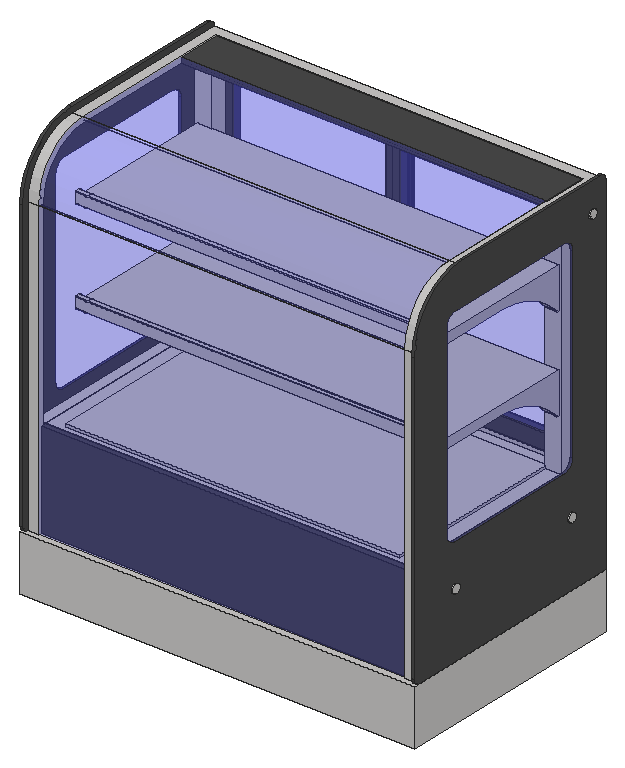
Revit family "Qf_Vollrath_HDC9336_Heated_Display_Case_Cubed_Countertop-36 inches_cat", category Specialty Equipment, Revit 2019
Family settings
  Round Connector Dimension = Use Diameter
  Part Type = Normal
  Work Plane-Based = No
  Always vertical = Yes
  Cut with Voids When Loaded = No
  Shared = No
  Room Calculation Point = No
Parameters
  Weight in Pounds = 347
  Watts = Volts * FL Amps  # 696 W
  Volts = 120 V
  URL Cutsheet = ""
  Specification by User = ""
  Specification by Manufacturer = ""
  Serial Number = ""
  Seismic Rating = ""
  SMACNA No = ""
  Revision Code = ""
  Phase = 0
  Number of Poles = 1
  NAFEM Spec ID Number = ""
  Model = "HDC9336"
  Min Ckt Ampacity = 0 A
  Max Overcurrent Protection = 0 A
  Masterspec = ""
  Manufacturer = "Vollrath"
  Length = 35.9"
  Item Number = ""
  Installed By = ""
  Identify Quantity as Lot = yes
  Height = 37.0"
  HP = ""
  Furnished By = ""
  Foodservice Equipment Identifier = yes
  FL Amps = 5.8 A
  Electrical Remarks = ""
  Electric Connection Type = ""
  Elec Conn RI Height = 0.0"
  Elec Conn Connection Height = 0.0"
  Description = "Heated Display Case Cubed Countertop-36\""
  Depth = 21.5"
  Cycle = 50 Hz
  Conn Plug = "NEMA 5-15P"
  Conn Conduit = yes
  CSI MasterFormat = ""
  Apparent Power = 0 VA
Reference planes (in)
  plane 1 "BACK": y = 0
  plane 2: z = 0
  plane 3 "LEFT": x = 0
  plane 4 "RIGHT": x = 35.9
  plane 5 "FRONT": y = -21.5
  plane 6 "TOP": z = 37
  plane 7 "Center Y": x = 17.95
  plane 8 "Center X": y = -10.75
  plane 9: x = 0.2
  plane 10: x = 0.45
  plane 11: x = 1.45
  plane 12: x = 35.7
  plane 13: x = 35.45
  plane 14: x = 34.45
  plane 15: z = 5
  plane 16: z = 22.08957
  plane 17: z = 30.55413
  plane 18: z = 13.66535
  plane 19: z = 15.3376
  plane 20: z = 33.6565
  plane 21: z = 34.82972
  plane 22: x = 2.2
  plane 23: y = -5
Forms (in)
  Extrusion 1, solid, material "QF_Plastic_Black_Smooth"
    sketch origin (0.2, -21.42126, 48) x (0, -1, 0) y (0, 0, 1)
      loop
        line (-21.42126, -43) -> (-0.42126, -43)
        arc (-0.42126, -43) -> (-0.06771, -42.85355) -> (0.07874, -42.5) r 0.5
        line (0.07874, -42.5) -> (0.07874, -16.5)
        arc (0.07874, -16.5) -> (-1.53217, -12.61091) -> (-5.42126, -11) r 5.5
        line (-5.42126, -11) -> (-20.92126, -11)
        arc (-20.92126, -11) -> (-21.27481, -11.14645) -> (-21.42126, -11.5) r 0.5
        line (-21.42126, -11.5) -> (-21.42126, -43)
      loop
        arc (-17.79626, -32.38281) -> (-17.50337, -33.08992) -> (-16.79626, -33.38281) r 1
        line (-16.79626, -33.38281) -> (-4.54626, -33.38281)
        arc (-4.54626, -33.38281) -> (-3.83915, -33.08992) -> (-3.54626, -32.38281) r 1
        line (-3.54626, -32.38281) -> (-3.54626, -15.7)
        arc (-3.54626, -15.7) -> (-3.83915, -14.99289) -> (-4.54626, -14.7) r 1
        line (-4.54626, -14.7) -> (-16.79626, -14.7)
        arc (-16.79626, -14.7) -> (-17.50337, -14.99289) -> (-17.79626, -15.7) r 1
        line (-17.79626, -15.7) -> (-17.79626, -32.38281)
    from 0 to -0.25
  Extrusion 2, solid, material "QF_Metal_Stainless_Polished"
    sketch origin (0.2, -21.42126, 48) x (0, -1, 0) y (0, 0, 1)
      loop
        circle (-19.84515, -13.58886) r 0.375
      loop
        circle (-17.4766, -37.03027) r 0.375
      loop
        circle (-4.38554, -37.03027) r 0.375
    from 0 to 0.2
  Extrusion 3, solid, material "QF_Plastic_Black_Smooth"
    sketch origin (35.7, -21.42126, 48) x (0, -1, 0) y (0, 0, -1)
      loop
        line (-21.42126, 43) -> (-21.42126, 11.5)
        arc (-21.42126, 11.5) -> (-21.27481, 11.14645) -> (-20.92126, 11) r 0.5
        line (-20.92126, 11) -> (-5.42126, 11)
        arc (-5.42126, 11) -> (-1.53217, 12.61091) -> (0.07874, 16.5) r 5.5
        line (0.07874, 16.5) -> (0.07874, 42.5)
        arc (0.07874, 42.5) -> (-0.06771, 42.85355) -> (-0.42126, 43) r 0.5
        line (-0.42126, 43) -> (-21.42126, 43)
      loop
        line (-17.79626, 32.38281) -> (-17.79626, 15.7)
        arc (-17.79626, 15.7) -> (-17.50337, 14.99289) -> (-16.79626, 14.7) r 1
        line (-16.79626, 14.7) -> (-4.54626, 14.7)
        arc (-4.54626, 14.7) -> (-3.83915, 14.99289) -> (-3.54626, 15.7) r 1
        line (-3.54626, 15.7) -> (-3.54626, 32.38281)
        arc (-3.54626, 32.38281) -> (-3.83915, 33.08992) -> (-4.54626, 33.38281) r 1
        line (-4.54626, 33.38281) -> (-16.79626, 33.38281)
        arc (-16.79626, 33.38281) -> (-17.50337, 33.08992) -> (-17.79626, 32.38281) r 1
    from 0 to -0.25
  Extrusion 4, solid, material "QF_Metal_Stainless_Polished"
    sketch origin (35.7, -21.42126, 48) x (0, -1, 0) y (0, 0, -1)
      loop
        circle (-19.84515, 13.58886) r 0.375
      loop
        circle (-17.4766, 37.03027) r 0.375
      loop
        circle (-4.38554, 37.03027) r 0.375
    from 0 to 0.2
  Extrusion 5, solid, material "QF_Metal_Stainless_Polished"
    sketch origin (0.45, -21.42126, 48.39448) x (0, -1, 0) y (0, 0, 1)
      loop
        line (-21.42126, -39.76948) -> (-20.42126, -39.76948) -> (-20.42126, -43.39448) -> (-0.42126, -43.39448) -> (-0.42126, -16.89448)
        arc (-0.42126, -16.89448) -> (-1.88573, -13.35895) -> (-5.42126, -11.89448) r 5
        line (-5.42126, -11.89448) -> (-21.42126, -11.89448) -> (-21.42126, -39.76948)
      loop
        line (-20.92126, -34.72913) -> (-0.92126, -34.72913) -> (-0.92126, -16.89448)
        arc (-0.92126, -16.89448) -> (-2.23928, -13.7125) -> (-5.42126, -12.39448) r 4.5
        line (-5.42126, -12.39448) -> (-20.92126, -12.39448) -> (-20.92126, -34.72913)
    from 0 to -1
  Extrusion 6, solid, material "QF_Metal_Stainless_Polished"
    sketch origin (1.45, -21.42126, 48.39448) x (0, -1, 0) y (0, 0, 1)
      loop
        line (-20.01969, -34.46605) -> (-19.99213, -34.50992) -> (-19.99213, -34.6435) -> (-20.83465, -34.6435) -> (-20.83465, -34.50992) -> (-20.80709, -34.46605) -> (-20.80709, -34.35609)
        arc (-20.80709, -34.35609) -> (-20.81285, -34.34217) -> (-20.82677, -34.33641) r 0.01969
        line (-20.82677, -34.33641) -> (-20.90551, -34.33641)
        arc (-20.90551, -34.33641) -> (-20.91943, -34.34217) -> (-20.9252, -34.35609) r 0.01969
        line (-20.9252, -34.35609) -> (-20.9252, -34.46605) -> (-20.89764, -34.50992) -> (-20.89764, -34.6435) -> (-21.31102, -34.6435) -> (-21.31102, -34.36003) -> (-21.35827, -34.36003) -> (-21.35827, -34.72913) -> (-19.4685, -34.72913) -> (-19.4685, -34.36003) -> (-19.51575, -34.36003) -> (-19.51575, -34.6435) -> (-19.92913, -34.6435) -> (-19.92913, -34.50992) -> (-19.90157, -34.46605) -> (-19.90157, -34.35609)
        arc (-19.90157, -34.35609) -> (-19.90734, -34.34217) -> (-19.92126, -34.33641) r 0.01969
        line (-19.92126, -34.33641) -> (-20, -34.33641)
        arc (-20, -34.33641) -> (-20.01392, -34.34217) -> (-20.01969, -34.35609) r 0.01969
        line (-20.01969, -34.35609) -> (-20.01969, -34.46605)
    from 0 to -33
  Extrusion 7, solid, material "QF_Metal_Stainless_Polished"
    sketch origin (2.2, -3.37008, 48) x (0, -1, 0) y (0, 0, 1)
      loop
        arc (12.99213, -26.77657) -> (13.09402, -26.76316) -> (13.18898, -26.72383) r 0.3937
        line (13.18898, -26.72383) -> (13.75197, -26.39879)
        arc (13.75197, -26.39879) -> (13.77214, -26.37861) -> (13.77953, -26.35105) r 0.05512
        line (13.77953, -26.35105) -> (13.77953, -25.45374)
        arc (13.77953, -25.45374) -> (13.76338, -25.41477) -> (13.72441, -25.39862) r 0.05512
        line (13.72441, -25.39862) -> (13.3622, -25.39862)
        arc (13.3622, -25.39862) -> (13.32323, -25.41477) -> (13.30709, -25.45374) r 0.05512
        line (13.30709, -25.45374) -> (13.30709, -25.91043)
        arc (13.30709, -25.91043) -> (13.29331, -25.92421) -> (13.27953, -25.91043) r 0.01378
        line (13.27953, -25.91043) -> (0, -25.91043) -> (0, -29.52049)
        arc (0, -29.52049) -> (0.07688, -29.63117) -> (0.20744, -29.59776) r 0.11811
        arc (0.20744, -29.59776) -> (2.98552, -27.51532) -> (6.37795, -26.77657) r 8.15869
        line (6.37795, -26.77657) -> (12.99213, -26.77657)
    from -0.5 to 0.5
  Extrusion 8, solid, material "QF_Plastic_Black_Smooth"
    sketch origin (34.07697, 0, 15.3376) x (0, 1, 0) y (1, 0, 0)
      loop
        line (-0.38189, -15.47047) -> (-0.38189, -15.3878)
        arc (-0.38189, -15.3878) -> (-0.40296, -15.36682) -> (-0.42944, -15.38034) r 0.02532
        arc (-0.42944, -15.38034) -> (-0.55527, -15.45742) -> (-0.6811, -15.38034) r 0.14124
        arc (-0.6811, -15.38034) -> (-0.70758, -15.36682) -> (-0.72866, -15.3878) r 0.02532
        line (-0.72866, -15.3878) -> (-0.72866, -15.47441) -> (-0.79917, -15.47441) -> (-0.82677, -15.55025) -> (-0.82677, -16.24213) -> (-0.96063, -16.19341) -> (-0.96063, -16.84843) -> (-0.14961, -16.84843) -> (-0.14961, -16.24213) -> (-0.34646, -16.24213) -> (-0.34646, -15.65945) -> (-0.16929, -15.65945)
        arc (-0.16929, -15.65945) -> (-0.15537, -15.65368) -> (-0.14961, -15.63976) r 0.01969
        line (-0.14961, -15.63976) -> (-0.14961, -15.49016)
        arc (-0.14961, -15.49016) -> (-0.15537, -15.47624) -> (-0.16929, -15.47047) r 0.01969
        line (-0.16929, -15.47047) -> (-0.38189, -15.47047)
    from 1.58661 to -19.49213
  Extrusion 9, solid, material "QF_Plastic_Black_Smooth"
    sketch origin (34.15041, 0, 15.3376) x (0, 1, 0) y (1, 0, 0)
      loop
        line (-0.38189, -32.59646) -> (-0.16929, -32.59646)
        arc (-0.16929, -32.59646) -> (-0.15537, -32.59069) -> (-0.14961, -32.57677) r 0.01969
        line (-0.14961, -32.57677) -> (-0.14961, -32.42717)
        arc (-0.14961, -32.42717) -> (-0.15537, -32.41325) -> (-0.16929, -32.40748) r 0.01969
        line (-0.16929, -32.40748) -> (-0.34646, -32.40748) -> (-0.34646, -31.8248) -> (-0.14961, -31.8248) -> (-0.14961, -31.2185) -> (-0.96063, -31.2185) -> (-0.96063, -31.87352) -> (-0.82677, -31.8248) -> (-0.82677, -32.51668) -> (-0.79917, -32.59252) -> (-0.72866, -32.59252) -> (-0.72866, -32.67913)
        arc (-0.72866, -32.67913) -> (-0.70758, -32.70011) -> (-0.6811, -32.68659) r 0.02532
        arc (-0.6811, -32.68659) -> (-0.55527, -32.60951) -> (-0.42944, -32.68659) r 0.14124
        arc (-0.42944, -32.68659) -> (-0.40296, -32.70011) -> (-0.38189, -32.67913) r 0.02532
        line (-0.38189, -32.67913) -> (-0.38189, -32.59646)
    from 1.58661 to -19.49213
  Extrusion 10, solid, material "QF_Plastic_Black_Smooth"
    sketch origin (49.81652, -0.90551, 15.3376) x (0, 1, 0) y (1, 0, 0)
      loop
        line (-0.38189, -15.47047) -> (-0.38189, -15.3878)
        arc (-0.38189, -15.3878) -> (-0.40296, -15.36682) -> (-0.42944, -15.38034) r 0.02532
        arc (-0.42944, -15.38034) -> (-0.55527, -15.45742) -> (-0.6811, -15.38034) r 0.14124
        arc (-0.6811, -15.38034) -> (-0.70758, -15.36682) -> (-0.72866, -15.3878) r 0.02532
        line (-0.72866, -15.3878) -> (-0.72866, -15.47441) -> (-0.79917, -15.47441) -> (-0.82677, -15.55025) -> (-0.82677, -16.24213) -> (-0.96063, -16.19341) -> (-0.96063, -16.84843) -> (-0.14961, -16.84843) -> (-0.14961, -16.24213) -> (-0.34646, -16.24213) -> (-0.34646, -15.65945) -> (-0.16929, -15.65945)
        arc (-0.16929, -15.65945) -> (-0.15537, -15.65368) -> (-0.14961, -15.63976) r 0.01969
        line (-0.14961, -15.63976) -> (-0.14961, -15.49016)
        arc (-0.14961, -15.49016) -> (-0.15537, -15.47624) -> (-0.16929, -15.47047) r 0.01969
        line (-0.16929, -15.47047) -> (-0.38189, -15.47047)
    from 1.58661 to -19.49213
  Extrusion 11, solid, material "QF_Plastic_Black_Smooth"
    sketch origin (49.88996, -0.90551, 15.3376) x (0, 1, 0) y (1, 0, 0)
      loop
        line (-0.38189, -32.59646) -> (-0.16929, -32.59646)
        arc (-0.16929, -32.59646) -> (-0.15537, -32.59069) -> (-0.14961, -32.57677) r 0.01969
        line (-0.14961, -32.57677) -> (-0.14961, -32.42717)
        arc (-0.14961, -32.42717) -> (-0.15537, -32.41325) -> (-0.16929, -32.40748) r 0.01969
        line (-0.16929, -32.40748) -> (-0.34646, -32.40748) -> (-0.34646, -31.8248) -> (-0.14961, -31.8248) -> (-0.14961, -31.2185) -> (-0.96063, -31.2185) -> (-0.96063, -31.87352) -> (-0.82677, -31.8248) -> (-0.82677, -32.51668) -> (-0.79917, -32.59252) -> (-0.72866, -32.59252) -> (-0.72866, -32.67913)
        arc (-0.72866, -32.67913) -> (-0.70758, -32.70011) -> (-0.6811, -32.68659) r 0.02532
        arc (-0.6811, -32.68659) -> (-0.55527, -32.60951) -> (-0.42944, -32.68659) r 0.14124
        arc (-0.42944, -32.68659) -> (-0.40296, -32.70011) -> (-0.38189, -32.67913) r 0.02532
        line (-0.38189, -32.67913) -> (-0.38189, -32.59646)
    from 1.58661 to -19.49213
  Extrusion 12, solid, material "QF_Plastic_Black_Smooth"
    sketch origin (32.9799, -1.05512, 15.3376) x (1, 0, 0) y (0, 0, -1)
      loop
        line (-0.01181, -0.08661) -> (-0.01181, 1.58661) -> (-14.30845, 1.58661) -> (-14.30845, -0.08661) -> (-0.01181, -0.08661)
      loop
        line (-0.01181, -18.3189) -> (-14.30845, -18.3189) -> (-14.30845, -19.49213) -> (-0.01181, -19.49213) -> (-0.01181, -18.3189)
    from 0 to -0.81102
  Extrusion 13, solid, material "QF_Plastic_Black_Smooth"
    sketch origin (17.24035, -0.14961, 15.3376) x (1, 0, 0) y (0, 0, -1)
      loop
        line (-0.01181, -0.08661) -> (-0.01181, 1.58661) -> (-14.30845, 1.58661) -> (-14.30845, -0.08661) -> (-0.01181, -0.08661)
      loop
        line (-0.01181, -18.3189) -> (-14.30845, -18.3189) -> (-14.30845, -19.49213) -> (-0.01181, -19.49213) -> (-0.01181, -18.3189)
    from 0 to -0.81102
  Extrusion 14, solid, material "Glass"
    sketch origin (32.96809, -1.05512, 15.42421) x (-1, 0, 0) y (0, -1, 0)
      loop
        line (0, 0.13) -> (14.29664, 0.13) -> (14.29664, 0.69102) -> (0, 0.69102) -> (0, 0.13)
      loop
        line (15.73955, -0.77551) -> (30.03618, -0.77551) -> (30.03618, -0.22449) -> (15.73955, -0.22449) -> (15.73955, -0.77551)
    from 0 to 18.23228
  Extrusion 15, solid, material "QF_Metal_Stainless_Polished"
    sketch origin (0, 0, 0) x (1, 0, 0) y (0, 0, 1)
      loop
        line (34.45, 36.5) -> (1.45, 36.5) -> (1.45, 35.35728) -> (34.45, 35.35728) -> (34.45, 36.5)
    from 0 to 1
  Extrusion 16, solid, material "QF_Metal_Stainless_Polished"
    sketch origin (-51.07972, -0.125, 0) x (1, 0, 0) y (0, 0, 1)
      loop
        line (85.00216, 13.66535) -> (85.52972, 13.66535) -> (85.52972, 35.35728) -> (52.52972, 35.35728) -> (52.52972, 13.66535) -> (53.05728, 13.66535) -> (53.05728, 34.82972) -> (85.00216, 34.82972) -> (85.00216, 13.66535)
    from 0 to 0.125
  Extrusion 17, solid, material "QF_Metal_Stainless_Polished"
    sketch origin (33.31121, 0, 13.66535) x (0, 1, 0) y (1, 0, 0)
      loop
        line (-1.95276, -31.86121) -> (-1.95276, -30.36121) -> (-3.37008, -30.36121) -> (-3.37008, -31.86121) -> (-1.95276, -31.86121)
      loop
        line (-1.95276, 1.13879) -> (-3.37008, 1.13879) -> (-3.37008, -0.36121) -> (-1.95276, -0.36121) -> (-1.95276, 1.13879)
    from 0 to -22.33465
  Extrusion 18, solid, material "QF_Metal_Stainless_Polished"
    sketch origin (33.7, -3.37008, 48) x (0, -1, 0) y (0, 0, -1)
      loop
        line (12.99213, 26.77657) -> (6.37795, 26.77657)
        arc (6.37795, 26.77657) -> (2.98552, 27.51532) -> (0.20744, 29.59776) r 8.15869
        arc (0.20744, 29.59776) -> (0.07688, 29.63117) -> (0, 29.52049) r 0.11811
        line (0, 29.52049) -> (0, 25.91043) -> (13.27953, 25.91043)
        arc (13.27953, 25.91043) -> (13.29331, 25.92421) -> (13.30709, 25.91043) r 0.01378
        line (13.30709, 25.91043) -> (13.30709, 25.45374)
        arc (13.30709, 25.45374) -> (13.32323, 25.41477) -> (13.3622, 25.39862) r 0.05512
        line (13.3622, 25.39862) -> (13.72441, 25.39862)
        arc (13.72441, 25.39862) -> (13.76338, 25.41477) -> (13.77953, 25.45374) r 0.05512
        line (13.77953, 25.45374) -> (13.77953, 26.35105)
        arc (13.77953, 26.35105) -> (13.77214, 26.37861) -> (13.75197, 26.39879) r 0.05512
        line (13.75197, 26.39879) -> (13.18898, 26.72383)
        arc (13.18898, 26.72383) -> (13.09402, 26.76316) -> (12.99213, 26.77657) r 0.3937
    from -0.5 to 0.5
  Extrusion 19, solid, material "QF_Metal_Stainless_Polished"
    sketch origin (2.7, -3.37008, 48) x (0, 1, 0) y (0, 0, 1)
      loop
        line (0, -25.91043) -> (-13.27953, -25.91043)
        arc (-13.27953, -25.91043) -> (-13.29331, -25.92421) -> (-13.30709, -25.91043) r 0.01378
        line (-13.30709, -25.91043) -> (-13.30709, -25.45374)
        arc (-13.30709, -25.45374) -> (-13.32323, -25.41477) -> (-13.3622, -25.39862) r 0.05512
        line (-13.3622, -25.39862) -> (-13.72441, -25.39862)
        arc (-13.72441, -25.39862) -> (-13.76338, -25.41477) -> (-13.77953, -25.45374) r 0.05512
        line (-13.77953, -25.45374) -> (-13.77953, -26.35105) -> (0, -26.35105) -> (0, -25.91043)
    from 0 to 30.5
  Extrusion 20, solid, material "QF_Metal_Stainless_Polished"
    sketch origin (-79.5026, 0, 0) x (1, 0, 0) y (0, 0, 1)
      loop
        line (80.9526, 13.66437) -> (80.9526, 8.625) -> (113.9526, 8.625) -> (113.9526, 13.66437) -> (80.9526, 13.66437)
    from 0 to 20.25
  Extrusion 21, solid, material "QF_Metal_Stainless_Polished"
    sketch origin (-79.5026, 0, 0) x (1, 0, 0) y (0, 0, 1)
      loop
        line (114.35516, 0) -> (114.35516, 0.70374) -> (80.55004, 0.70374) -> (80.55004, 0) -> (114.35516, 0)
    from 3 to 0.5
  Extrusion 22, solid, material "QF_Metal_Stainless_Polished"
    sketch origin (-79.5026, 0, 0) x (1, 0, 0) y (0, 0, 1)
      loop
        line (114.35516, 0.70374) -> (114.35516, 8.625) -> (113.13862, 8.625) -> (113.13862, 0.70374) -> (114.35516, 0.70374)
    from 3 to 0.5
  Extrusion 23, solid, material "QF_Metal_Stainless_Polished"
    sketch origin (-80.67976, 0, 0) x (1, 0, 0) y (0, 0, 1)
      loop
        line (114.31579, 0.70374) -> (114.31579, 8.625) -> (89.52248, 8.625) -> (89.52248, 0.70374) -> (114.31579, 0.70374)
    from 3 to 0.5
  Extrusion 24, solid, material "QF_Metal_Stainless_Polished"
    sketch origin (-105.47307, 0, 0) x (1, 0, 0) y (0, 0, 1)
      loop
        line (114.31579, 0.70374) -> (114.31579, 8.625) -> (113.41027, 8.625) -> (113.41027, 0.70374) -> (114.31579, 0.70374)
    from 3 to 0.5
  Extrusion 25, solid, material "QF_Metal_Stainless_Polished"
    sketch origin (-106.37858, 0, 0) x (1, 0, 0) y (0, 0, 1)
      loop
        line (114.31579, 0.70374) -> (114.31579, 8.625) -> (108.60712, 8.625) -> (108.60712, 0.70374) -> (114.31579, 0.70374)
    from 3 to 0.5
  Extrusion 26, solid, material "QF_Metal_Stainless_Polished"
    sketch origin (-112.08724, 0, 0) x (1, 0, 0) y (0, 0, 1)
      loop
        line (114.31579, 0.70374) -> (114.31579, 8.625) -> (113.13468, 8.625) -> (113.13468, 0.70374) -> (114.31579, 0.70374)
    from 3 to 0.5
  Extrusion 27, solid, material "QF_Metal_Stainless_Polished"
    sketch origin (-79.5026, 0, 0) x (-1, 0, 0) y (0, 0, 1)
      loop
        line (-81.14413, 11.28248) -> (-84.95201, 11.28248)
        arc (-84.95201, 11.28248) -> (-85.01854, 11.25492) -> (-85.0461, 11.18839) r 0.09409
        line (-85.0461, 11.18839) -> (-85.0461, 8.87657)
        arc (-85.0461, 8.87657) -> (-85.01854, 8.81004) -> (-84.95201, 8.78248) r 0.09409
        line (-84.95201, 8.78248) -> (-81.14413, 8.78248)
        arc (-81.14413, 8.78248) -> (-81.0776, 8.81004) -> (-81.05004, 8.87657) r 0.09409
        line (-81.05004, 8.87657) -> (-81.05004, 11.18839)
        arc (-81.05004, 11.18839) -> (-81.0776, 11.25492) -> (-81.14413, 11.28248) r 0.09409
    from 0 to 0.06
  Extrusion 28, solid, material "QF_Metal_Stainless_Polished"
    sketch origin (2.2, -3.37008, 56.46457) x (0, -1, 0) y (0, 0, 1)
      loop
        arc (12.99213, -26.77657) -> (13.09402, -26.76316) -> (13.18898, -26.72383) r 0.3937
        line (13.18898, -26.72383) -> (13.75197, -26.39879)
        arc (13.75197, -26.39879) -> (13.77214, -26.37861) -> (13.77953, -26.35105) r 0.05512
        line (13.77953, -26.35105) -> (13.77953, -25.45374)
        arc (13.77953, -25.45374) -> (13.76338, -25.41477) -> (13.72441, -25.39862) r 0.05512
        line (13.72441, -25.39862) -> (13.3622, -25.39862)
        arc (13.3622, -25.39862) -> (13.32323, -25.41477) -> (13.30709, -25.45374) r 0.05512
        line (13.30709, -25.45374) -> (13.30709, -25.91043)
        arc (13.30709, -25.91043) -> (13.29331, -25.92421) -> (13.27953, -25.91043) r 0.01378
        line (13.27953, -25.91043) -> (0, -25.91043) -> (0, -29.52049)
        arc (0, -29.52049) -> (0.07688, -29.63117) -> (0.20744, -29.59776) r 0.11811
        arc (0.20744, -29.59776) -> (2.98552, -27.51532) -> (6.37795, -26.77657) r 8.15869
        line (6.37795, -26.77657) -> (12.99213, -26.77657)
    from -0.5 to 0.5
  Extrusion 29, solid, material "QF_Metal_Stainless_Polished"
    sketch origin (33.7, -3.37008, 56.46457) x (0, -1, 0) y (0, 0, -1)
      loop
        line (12.99213, 26.77657) -> (6.37795, 26.77657)
        arc (6.37795, 26.77657) -> (2.98552, 27.51532) -> (0.20744, 29.59776) r 8.15869
        arc (0.20744, 29.59776) -> (0.07688, 29.63117) -> (0, 29.52049) r 0.11811
        line (0, 29.52049) -> (0, 25.91043) -> (13.27953, 25.91043)
        arc (13.27953, 25.91043) -> (13.29331, 25.92421) -> (13.30709, 25.91043) r 0.01378
        line (13.30709, 25.91043) -> (13.30709, 25.45374)
        arc (13.30709, 25.45374) -> (13.32323, 25.41477) -> (13.3622, 25.39862) r 0.05512
        line (13.3622, 25.39862) -> (13.72441, 25.39862)
        arc (13.72441, 25.39862) -> (13.76338, 25.41477) -> (13.77953, 25.45374) r 0.05512
        line (13.77953, 25.45374) -> (13.77953, 26.35105)
        arc (13.77953, 26.35105) -> (13.77214, 26.37861) -> (13.75197, 26.39879) r 0.05512
        line (13.75197, 26.39879) -> (13.18898, 26.72383)
        arc (13.18898, 26.72383) -> (13.09402, 26.76316) -> (12.99213, 26.77657) r 0.3937
    from -0.5 to 0.5
  Extrusion 30, solid, material "QF_Metal_Stainless_Polished"
    sketch origin (2.7, -3.37008, 56.46457) x (0, 1, 0) y (0, 0, 1)
      loop
        line (0, -25.91043) -> (-13.27953, -25.91043)
        arc (-13.27953, -25.91043) -> (-13.29331, -25.92421) -> (-13.30709, -25.91043) r 0.01378
        line (-13.30709, -25.91043) -> (-13.30709, -25.45374)
        arc (-13.30709, -25.45374) -> (-13.32323, -25.41477) -> (-13.3622, -25.39862) r 0.05512
        line (-13.3622, -25.39862) -> (-13.72441, -25.39862)
        arc (-13.72441, -25.39862) -> (-13.76338, -25.41477) -> (-13.77953, -25.45374) r 0.05512
        line (-13.77953, -25.45374) -> (-13.77953, -26.35105) -> (0, -26.35105) -> (0, -25.91043)
    from 0 to 30.5
  Extrusion 31, solid, material "QF_Metal_Stainless_Polished"
    sketch origin (0, 0, 0) x (1, 0, 0) y (0, 1, 0)
      loop
        line (35.7, 0) -> (34.85256, 0) -> (34.85256, -3) -> (1.04744, -3) -> (1.04744, 0) -> (0.2, 0) -> (0.2, -21.5) -> (35.7, -21.5) -> (35.7, 0)
    from 0 to 5
  Extrusion 32, solid, material "QF_Metal_Stainless_Polished"
    sketch origin (35.45, -21.42126, 48.39448) x (0, -1, 0) y (0, 0, -1)
      loop
        line (-21.42126, 39.76948) -> (-21.42126, 11.89448) -> (-5.42126, 11.89448)
        arc (-5.42126, 11.89448) -> (-1.88573, 13.35895) -> (-0.42126, 16.89448) r 5
        line (-0.42126, 16.89448) -> (-0.42126, 43.39448) -> (-20.42126, 43.39448) -> (-20.42126, 39.76948) -> (-21.42126, 39.76948)
      loop
        line (-20.92126, 34.72913) -> (-20.92126, 12.39448) -> (-5.42126, 12.39448)
        arc (-5.42126, 12.39448) -> (-2.23928, 13.7125) -> (-0.92126, 16.89448) r 4.5
        line (-0.92126, 16.89448) -> (-0.92126, 34.72913) -> (-20.92126, 34.72913)
    from 0 to -1
  Extrusion 33, void
    sketch origin (7.23536, 0, 2.05972) x (0, 0, 1) y (0, -1, 0)
      loop
        line (-0.69333, 0.5) -> (-0.69333, -1.5) -> (5.95167, -1.5) -> (5.95167, 0.5) -> (4.1839, 2.26777) -> (-0.69333, 0.5)
    from 0 to -4.30346
  Extrusion 34, solid, material "QF_Metal_Stainless_Polished"
    sketch origin (0, 0, 0) x (1, 0, 0) y (0, 0, 1)
      loop
        line (0.45, 8.625) -> (0.45, 5) -> (1.04744, 5) -> (1.04744, 8.625) -> (0.45, 8.625)
      loop
        line (35.45, 8.625) -> (34.85256, 8.625) -> (34.85256, 5) -> (35.45, 5) -> (35.45, 8.625)
    from 0 to 1
  Extrusion 35, solid, material "QF_Plastic_Black_Smooth"
    sketch origin (7.23536, -0.5, 1.36639) x (0, -0.34076, 0.94015) y (1, 0, 0)
      loop
        line (4.80772, -0.13) -> (0.38, -0.13)
        arc (0.38, -0.13) -> (0.20322, -0.20322) -> (0.13, -0.38) r 0.25
        line (0.13, -0.38) -> (0.13, -3.92346)
        arc (0.13, -3.92346) -> (0.20322, -4.10023) -> (0.38, -4.17346) r 0.25
        line (0.38, -4.17346) -> (4.80772, -4.17346)
        arc (4.80772, -4.17346) -> (4.98449, -4.10023) -> (5.05772, -3.92346) r 0.25
        line (5.05772, -3.92346) -> (5.05772, -0.38)
        arc (5.05772, -0.38) -> (4.98449, -0.20322) -> (4.80772, -0.13) r 0.25
    from 0 to 0.06
  Extrusion 36, solid, material "QF_Plastic_White_Smooth"
    sketch origin (7.23536, -0.44359, 1.38683) x (0, -0.34076, 0.94015) y (1, 0, 0)
      loop
        circle (0.93442, -3.29352) r 0.5
    from 0 to 0.25
  Extrusion 37, solid, material "QF_Plastic_Black_Smooth"
    sketch origin (7.23536, -0.44359, 1.38683) x (0, -0.34076, 0.94015) y (1, 0, 0)
      loop
        arc (4.45141, -0.68195) -> (3.82641, -0.37591) -> (3.20141, -0.68195) r 0.79121
        line (3.20141, -0.68195) -> (3.20141, -3.6215)
        arc (3.20141, -3.6215) -> (3.82641, -3.92755) -> (4.45141, -3.6215) r 0.79121
        line (4.45141, -3.6215) -> (4.45141, -0.68195)
    from 0 to 0.06
  Extrusion 38, solid, material "QF_Plastic_Black_Smooth"
    sketch origin (-75.7526, 0, 0) x (-1, 0, 0) y (0, 0, 1)
      loop
        line (-77.49689, 13.52657) -> (-81.11894, 13.52657)
        arc (-81.11894, 13.52657) -> (-81.25813, 13.46892) -> (-81.31579, 13.32972) r 0.19685
        line (-81.31579, 13.32972) -> (-81.31579, 11.59744)
        arc (-81.31579, 11.59744) -> (-81.25813, 11.45825) -> (-81.11894, 11.40059) r 0.19685
        line (-81.11894, 11.40059) -> (-77.49689, 11.40059)
        arc (-77.49689, 11.40059) -> (-77.35769, 11.45825) -> (-77.30004, 11.59744) r 0.19685
        line (-77.30004, 11.59744) -> (-77.30004, 13.32972)
        arc (-77.30004, 13.32972) -> (-77.35769, 13.46892) -> (-77.49689, 13.52657) r 0.19685
      loop
        line (-81.41421, 8.97933) -> (-81.41421, 11.2628)
        arc (-81.41421, 11.2628) -> (-81.47187, 11.40199) -> (-81.61106, 11.45965) r 0.19685
        line (-81.61106, 11.45965) -> (-84.17012, 11.45965)
        arc (-84.17012, 11.45965) -> (-84.30931, 11.40199) -> (-84.36697, 11.2628) r 0.19685
        line (-84.36697, 11.2628) -> (-84.36697, 8.97933)
        arc (-84.36697, 8.97933) -> (-84.30931, 8.84014) -> (-84.17012, 8.78248) r 0.19685
        line (-84.17012, 8.78248) -> (-81.61106, 8.78248)
        arc (-81.61106, 8.78248) -> (-81.47187, 8.84014) -> (-81.41421, 8.97933) r 0.19685
    from 0 to 0.06
  Extrusion 39, solid, material "QF_Plastic_Black_Smooth"
    sketch origin (0.45, -0.5, 36.5) x (0, -1, 0) y (1, 0, 0)
      loop
        line (4.5, 1) -> (4.5, 34) -> (0.5, 34) -> (0.5, 1) -> (4.5, 1)
    from 0 to -0.5
  Extrusion 40, solid, material "QF_Metal_Stainless_Polished"
    sketch origin (1.38012, 0, 13.66437) x (1, 0, 0) y (0, 1, 0)
      loop
        line (1.56988, -3.20977) -> (1.56988, -19.75) -> (31.56988, -19.75) -> (31.56988, -3.20977) -> (1.56988, -3.20977)
    from 0 to 0.25
  Extrusion 41, solid, material "QF_Plastic_Black_Smooth"
    sketch origin (-79.5026, -20.25, 0) x (1, 0, 0) y (0, 0, 1)
      loop
        line (113.9526, 13.66437) -> (80.9526, 13.66437) -> (80.9526, 5) -> (113.9526, 5) -> (113.9526, 13.66437)
    from 0 to 0.5
  Extrusion 42, solid, material "Glass"
    sketch origin (1.45, -21.42126, 48.39448) x (0, 1, 0) y (0, 0, 1)
      loop
        line (0.42126, -16.89448) -> (0.42126, -43.39448) -> (0.67126, -43.39448) -> (0.67126, -16.89448)
        arc (0.67126, -16.89448) -> (2.0625, -13.53572) -> (5.42126, -12.14448) r 4.75
        line (5.42126, -12.14448) -> (16.42126, -12.14448) -> (16.42126, -11.89448) -> (5.42126, -11.89448)
        arc (5.42126, -11.89448) -> (1.88573, -13.35895) -> (0.42126, -16.89448) r 5
    from 0 to 33
  Extrusion 43, solid, material "Glass"
    sketch origin (0.2, -21.42126, 48) x (0, -1, 0) y (0, 0, 1)
      loop
        line (-16.79626, -33.38281) -> (-4.54626, -33.38281)
        arc (-4.54626, -33.38281) -> (-3.83915, -33.08992) -> (-3.54626, -32.38281) r 1
        line (-3.54626, -32.38281) -> (-3.54626, -15.7)
        arc (-3.54626, -15.7) -> (-3.83915, -14.99289) -> (-4.54626, -14.7) r 1
        line (-4.54626, -14.7) -> (-16.79626, -14.7)
        arc (-16.79626, -14.7) -> (-17.50337, -14.99289) -> (-17.79626, -15.7) r 1
        line (-17.79626, -15.7) -> (-17.79626, -32.38281)
        arc (-17.79626, -32.38281) -> (-17.50337, -33.08992) -> (-16.79626, -33.38281) r 1
    from 0 to -0.25
  Extrusion 44, solid, material "Glass"
    sketch origin (35.7, -21.42126, 48) x (0, -1, 0) y (0, 0, -1)
      loop
        arc (-16.79626, 33.38281) -> (-17.50337, 33.08992) -> (-17.79626, 32.38281) r 1
        line (-17.79626, 32.38281) -> (-17.79626, 15.7)
        arc (-17.79626, 15.7) -> (-17.50337, 14.99289) -> (-16.79626, 14.7) r 1
        line (-16.79626, 14.7) -> (-4.54626, 14.7)
        arc (-4.54626, 14.7) -> (-3.83915, 14.99289) -> (-3.54626, 15.7) r 1
        line (-3.54626, 15.7) -> (-3.54626, 32.38281)
        arc (-3.54626, 32.38281) -> (-3.83915, 33.08992) -> (-4.54626, 33.38281) r 1
        line (-4.54626, 33.38281) -> (-16.79626, 33.38281)
    from 0 to -0.25
Cuts and joins
  joined: Extrusion 7, Extrusion 18, Extrusion 19
  joined: Extrusion 28, Extrusion 29, Extrusion 30
  Extrusion 33 cuts Extrusion 25
  joined: Extrusion 5, Extrusion 15, Extrusion 32
Lines and regions (in)
  symbolic lines
    curve 1: line (0.2, -21.5, 0) -> (35.7, -21.5, 0)
    curve 2: line (0.45, -21, 0) -> (35.45, -21, 0)
    curve 3: line (34.45, -21, 0) -> (34.45, -5, 0)
    curve 4: line (1.45, -5, 0) -> (1.45, -21, 0)
    curve 5: line (34.45, -5, 0) -> (1.45, -5, 0)
    curve 6: line (1.45, -1, 0) -> (1.45, -5, 0)
    curve 7: line (34.45, -1, 0) -> (1.45, -1, 0)
    curve 8: line (34.45, -5, 0) -> (34.45, -1, 0)
    curve 9: line (0.2, 0, 0) -> (0.2, -21.5, 0)
    curve 10: line (0.45, -21.5, 0) -> (0.45, 0, 0)
    curve 11: line (35.45, 0, 0) -> (35.45, -21.5, 0)
    curve 12: line (35.7, -21.5, 0) -> (35.7, 0, 0)
    curve 13: line (0.2, 0, 0) -> (35.7, 0, 0)
    curve 14: line (35.9, -1.20111, 0) -> (35.7, -1.20111, 0)
    curve 15: line (35.9, -1.20111, 0) -> (35.9, -1.95111, 0)
    curve 16: line (35.9, -1.95111, 0) -> (35.7, -1.95111, 0)
    curve 17: line (35.9, -3.56966, 0) -> (35.7, -3.56966, 0)
    curve 18: line (35.9, -3.56966, 0) -> (35.9, -4.31966, 0)
    curve 19: line (35.9, -4.31966, 0) -> (35.7, -4.31966, 0)
    curve 20: line (35.9, -16.66072, 0) -> (35.7, -16.66072, 0)
    curve 21: line (35.9, -16.66072, 0) -> (35.9, -17.41072, 0)
    curve 22: line (35.9, -17.41072, 0) -> (35.7, -17.41072, 0)
    curve 23: line (0, -1.20111, 0) -> (0.2, -1.20111, 0)
    curve 24: line (0, -1.20111, 0) -> (0, -1.95111, 0)
    curve 25: line (0, -1.95111, 0) -> (0.2, -1.95111, 0)
    curve 26: line (0, -3.56966, 0) -> (0.2, -3.56966, 0)
    curve 27: line (0, -3.56966, 0) -> (0, -4.31966, 0)
    curve 28: line (0, -4.31966, 0) -> (0.2, -4.31966, 0)
    curve 29: line (0, -16.66072, 0) -> (0.2, -16.66072, 0)
    curve 30: line (0, -16.66072, 0) -> (0, -17.41072, 0)
    curve 31: line (0, -17.41072, 0) -> (0.2, -17.41072, 0)
Dimensions and locks (in)
  equal spacing: plane 3 "LEFT", plane 7 "Center Y", plane 4 "RIGHT"
  "Length": plane 3 "LEFT" to plane 4 "RIGHT"
  equal spacing: plane 5 "FRONT", plane 8 "Center X", plane 1 "BACK"
  "Depth": plane 5 "FRONT" to plane 1 "BACK"
  "Height": plane 6 "TOP" to level
  plane 3 "LEFT" to plane 9 = 0.2"
  plane 9 to plane 10 = 0.25"
  plane 15 to plane 2 = 5.0"
  plane 6 "TOP" to plane 2 = 37.0"  (x2)
  plane 5 "FRONT" to plane 1 "BACK" = 21.5"
  plane 1 "BACK" to plane 5 "FRONT" = 21.5"
  plane 4 "RIGHT" to plane 3 "LEFT" = 35.9"
  aligned and locked: level to plane 2
Automatic sketch dimensions
  Extrusion 1 sketch curve to plane 1 "BACK" = 0.0"
  Extrusion 1 sketch curve to plane 6 "TOP" = 0.0"
  Extrusion 1 sketch curve to plane 15 = 0.0"
  Extrusion 1 sketch curve to plane 5 "FRONT" = 0.0"
  plane 1 "BACK" to Extrusion 1 sketch curve = 0.5"
  Extrusion 1 sketch curve to plane 19 = 0.27959"  (x2)
  Extrusion 1 sketch curve to plane 23 = 1.375"
  Extrusion 1 sketch curve to plane 23 = 0.375"  (x2)
  Extrusion 1 sketch curve to plane 8 "Center X" = 5.25"
  Extrusion 1 sketch curve to plane 5 "FRONT" = 4.625"
  Extrusion 1 sketch curve to Extrusion 1 sketch curve = 1.0"
  Extrusion 1 sketch curve to plane 5 "FRONT" = 0.5"
  plane 20 to Extrusion 1 sketch curve = 1.3565"
  Extrusion 2 sketch curve to Extrusion 1 = 1.57611"
  Extrusion 1 to Extrusion 2 sketch curve = 0.31966"
  Extrusion 1 to Extrusion 2 sketch curve = 0.83928"
  Extrusion 2 sketch curve to Extrusion 1 = 3.64745"  (x2)
  Extrusion 2 sketch curve to Extrusion 1 = 1.11114"
  Extrusion 3 sketch curve to plane 1 "BACK" = 0.0"
  Extrusion 3 sketch curve to plane 6 "TOP" = 0.0"
  Extrusion 3 sketch curve to plane 15 = 0.0"
  Extrusion 3 sketch curve to plane 5 "FRONT" = 0.0"
  plane 1 "BACK" to Extrusion 3 sketch curve = 0.5"
  Extrusion 3 sketch curve to plane 19 = 0.27959"  (x2)
  Extrusion 3 sketch curve to plane 23 = 1.375"
  Extrusion 3 sketch curve to plane 23 = 0.375"  (x2)
  Extrusion 3 sketch curve to plane 8 "Center X" = 5.25"
  Extrusion 3 sketch curve to plane 5 "FRONT" = 4.625"
  Extrusion 3 sketch curve to Extrusion 3 sketch curve = 1.0"
  Extrusion 3 sketch curve to plane 5 "FRONT" = 0.5"
  plane 20 to Extrusion 3 sketch curve = 0.3565"
  Extrusion 4 sketch curve to Extrusion 3 = 1.57611"
  Extrusion 3 to Extrusion 4 sketch curve = 0.31966"
  Extrusion 3 to Extrusion 4 sketch curve = 0.83928"
  Extrusion 4 sketch curve to Extrusion 3 = 1.11114"
  Extrusion 4 sketch curve to Extrusion 3 = 3.64745"  (x2)
  Extrusion 5 sketch curve to Extrusion 5 sketch curve = 0.0"  (x2)
  Extrusion 5 sketch curve to plane 1 "BACK" = 0.0"
  plane 18 to Extrusion 5 sketch curve = 0.0"
  Extrusion 5 sketch curve to plane 15 = 0.0"
  plane 1 "BACK" to Extrusion 5 sketch curve = 0.5"
  plane 1 "BACK" to Extrusion 5 sketch curve = 1.0"
  Extrusion 5 sketch curve to plane 17 = 0.94587"
  Extrusion 5 sketch curve to plane 8 "Center X" = 5.25"
  Extrusion 5 sketch curve to plane 5 "FRONT" = 1.0"
  Extrusion 5 sketch curve to plane 5 "FRONT" = 0.5"
  plane 15 to Extrusion 5 sketch curve = 3.625"
  plane 18 to Extrusion 6 sketch curve = 0.0"
  plane 1 "BACK" to Extrusion 6 sketch curve = 0.06299"
  Extrusion 6 sketch curve to Extrusion 6 sketch curve = 0.04724"  (x2)
  Extrusion 6 sketch curve to Extrusion 6 sketch curve = 0.38583"
  Extrusion 6 sketch curve to Extrusion 6 sketch curve = 0.01969"  (x2)
  Extrusion 6 sketch curve to Extrusion 6 sketch curve = 0.02756"  (x4)
  Extrusion 6 sketch curve to Extrusion 6 sketch curve = 0.06299"  (x2)
  Extrusion 6 sketch curve to Extrusion 6 sketch curve = 0.07874"  (x2)
  Extrusion 6 sketch curve to plane 18 = 0.26308"  (x2)
  Extrusion 6 sketch curve to plane 18 = 0.37303"
  Extrusion 6 sketch curve to Extrusion 6 sketch curve = 0.7874"
  Extrusion 6 sketch curve to plane 18 = 0.08563"  (x3)
  Extrusion 6 sketch curve to plane 18 = 0.21921"
  Extrusion 6 sketch curve to Extrusion 6 sketch curve = 0.41339"
  Extrusion 6 sketch curve to Extrusion 6 sketch curve = 0.0"  (x2)
  Extrusion 6 sketch curve to Extrusion 6 sketch curve = 0.04387"  (x3)
  Extrusion 6 sketch curve to Extrusion 6 sketch curve = 0.28346"  (x2)
  Extrusion 6 sketch curve to Extrusion 6 sketch curve = 0.10996"
  plane 16 to Extrusion 7 sketch curve = 0.0"
  Extrusion 7 sketch curve to plane 23 = 1.62992"
  Extrusion 7 sketch curve to Extrusion 7 sketch curve = 0.11811"
  plane 18 to Extrusion 7 sketch curve = 0.60062"
  plane 8 "Center X" to Extrusion 7 sketch curve = 1.00197"
  plane 16 to Extrusion 7 sketch curve = 0.86614"
  Extrusion 7 sketch curve to plane 5 "FRONT" = 5.1378"
  plane 16 to Extrusion 7 sketch curve = 0.8134"
  Extrusion 7 sketch curve to Extrusion 7 sketch curve = 0.19685"
  Extrusion 7 sketch curve to Extrusion 7 sketch curve = 0.2874"
  Extrusion 7 sketch curve to Extrusion 7 sketch curve = 0.01378"
  Extrusion 7 sketch curve to Extrusion 7 sketch curve = 0.05512"  (x2)
  Extrusion 7 sketch curve to Extrusion 7 sketch curve = 0.3622"
  Extrusion 7 sketch curve to Extrusion 7 sketch curve = 0.41732"
  plane 16 to Extrusion 7 sketch curve = 0.48835"
  Extrusion 7 sketch curve to Extrusion 7 sketch curve = 0.02756"
  Extrusion 7 sketch curve to plane 19 = 3.14191"
  Extrusion 7 sketch curve to plane 16 = 0.45669"
  Extrusion 8 sketch curve to plane 7 "Center Y" = 0.06644"
  plane 1 "BACK" to Extrusion 8 sketch curve = 0.96063"
  Extrusion 8 sketch curve to plane 7 "Center Y" = 0.11516"  (x2)
  Extrusion 8 sketch curve to Extrusion 8 sketch curve = 0.13386"
  Extrusion 8 sketch curve to Extrusion 8 sketch curve = 0.0276"
  Extrusion 8 sketch curve to Extrusion 8 sketch curve = 0.07051"
  Extrusion 8 sketch curve to Extrusion 8 sketch curve = 0.025"  (x2)
  Extrusion 8 sketch curve to Extrusion 8 sketch curve = 0.14839"  (x2)
  Extrusion 8 sketch curve to Extrusion 8 sketch curve = 0.03543"
  plane 1 "BACK" to Extrusion 8 sketch curve = 0.16929"
  Extrusion 8 sketch curve to Extrusion 8 sketch curve = 0.0"  (x2)
  plane 1 "BACK" to Extrusion 8 sketch curve = 0.14961"
  Extrusion 8 sketch curve to Extrusion 8 sketch curve = 0.01969"
  plane 7 "Center Y" to Extrusion 8 sketch curve = 0.46752"
  Extrusion 8 sketch curve to Extrusion 8 sketch curve = 0.1092"
  Extrusion 8 sketch curve to Extrusion 8 sketch curve = 0.14961"
  Extrusion 8 sketch curve to Extrusion 8 sketch curve = 0.07584"
  Extrusion 8 sketch curve to Extrusion 8 sketch curve = 0.07863"
  Extrusion 8 sketch curve to Extrusion 8 sketch curve = 0.08257"
  Extrusion 8 sketch curve to Extrusion 8 sketch curve = 0.00404"  (x2)
  Extrusion 8 sketch curve to Extrusion 8 sketch curve = 0.07566"
  Extrusion 8 sketch curve to Extrusion 8 sketch curve = 0.6063"
  Extrusion 9 sketch curve to plane 22 = 0.07689"
  plane 1 "BACK" to Extrusion 9 sketch curve = 0.96063"
  Extrusion 9 sketch curve to plane 22 = 0.12561"  (x2)
  Extrusion 9 sketch curve to Extrusion 9 sketch curve = 0.13386"
  Extrusion 9 sketch curve to Extrusion 9 sketch curve = 0.0276"
  Extrusion 9 sketch curve to Extrusion 9 sketch curve = 0.07051"
  Extrusion 9 sketch curve to Extrusion 9 sketch curve = 0.025"  (x2)
  plane 11 to Extrusion 9 sketch curve = 0.05034"
  Extrusion 9 sketch curve to Extrusion 9 sketch curve = 0.14839"  (x2)
  Extrusion 9 sketch curve to plane 11 = 0.02532"  (x2)
  Extrusion 9 sketch curve to Extrusion 9 sketch curve = 0.03543"
  plane 1 "BACK" to Extrusion 9 sketch curve = 0.16929"
  Extrusion 9 sketch curve to Extrusion 9 sketch curve = 0.0"  (x2)
  plane 1 "BACK" to Extrusion 9 sketch curve = 0.14961"
  Extrusion 9 sketch curve to Extrusion 9 sketch curve = 0.01969"
  Extrusion 9 sketch curve to Extrusion 9 sketch curve = 0.6063"
  Extrusion 9 sketch curve to Extrusion 9 sketch curve = 0.26761"
  Extrusion 9 sketch curve to plane 11 = 0.18373"
  Extrusion 9 sketch curve to plane 11 = 0.12364"
  Extrusion 9 sketch curve to plane 11 = 0.10789"
  Extrusion 9 sketch curve to plane 11 = 0.02128"  (x2)
  Extrusion 10 sketch curve to plane 14 = 0.82689"
  plane 1 "BACK" to Extrusion 10 sketch curve = 1.86614"
  Extrusion 10 sketch curve to Extrusion 10 sketch curve = 0.13386"
  Extrusion 10 sketch curve to Extrusion 10 sketch curve = 0.0276"
  Extrusion 10 sketch curve to Extrusion 10 sketch curve = 0.07051"
  Extrusion 10 sketch curve to Extrusion 10 sketch curve = 0.025"  (x2)
  plane 14 to Extrusion 10 sketch curve = 0.05034"
  Extrusion 10 sketch curve to Extrusion 10 sketch curve = 0.14839"  (x2)
  Extrusion 10 sketch curve to plane 14 = 0.02532"  (x2)
  Extrusion 10 sketch curve to Extrusion 10 sketch curve = 0.03543"
  Extrusion 10 sketch curve to Extrusion 10 sketch curve = 0.2126"
  Extrusion 10 sketch curve to Extrusion 10 sketch curve = 0.0"  (x2)
  Extrusion 10 sketch curve to Extrusion 10 sketch curve = 0.19685"
  Extrusion 10 sketch curve to Extrusion 10 sketch curve = 0.01969"
  Extrusion 10 sketch curve to plane 14 = 0.02128"  (x2)
  Extrusion 10 sketch curve to plane 14 = 0.10395"
  Extrusion 10 sketch curve to plane 14 = 0.10789"
  Extrusion 10 sketch curve to Extrusion 10 sketch curve = 0.07584"
  Extrusion 10 sketch curve to Extrusion 10 sketch curve = 0.14961"
  Extrusion 10 sketch curve to Extrusion 10 sketch curve = 0.58268"
  Extrusion 10 sketch curve to Extrusion 10 sketch curve = 0.04872"
  Extrusion 10 sketch curve to Extrusion 10 sketch curve = 0.6063"
  plane 7 "Center Y" to Extrusion 11 sketch curve = 0.06644"
  plane 1 "BACK" to Extrusion 11 sketch curve = 1.86614"
  plane 7 "Center Y" to Extrusion 11 sketch curve = 0.11516"  (x2)
  Extrusion 11 sketch curve to Extrusion 11 sketch curve = 0.13386"
  Extrusion 11 sketch curve to Extrusion 11 sketch curve = 0.0276"
  Extrusion 11 sketch curve to Extrusion 11 sketch curve = 0.07051"
  Extrusion 11 sketch curve to Extrusion 11 sketch curve = 0.025"  (x2)
  Extrusion 11 sketch curve to Extrusion 11 sketch curve = 0.14839"  (x2)
  Extrusion 11 sketch curve to Extrusion 11 sketch curve = 0.03543"
  Extrusion 11 sketch curve to Extrusion 11 sketch curve = 0.2126"
  Extrusion 11 sketch curve to Extrusion 11 sketch curve = 0.0"  (x2)
  Extrusion 11 sketch curve to Extrusion 11 sketch curve = 0.19685"
  Extrusion 11 sketch curve to Extrusion 11 sketch curve = 0.01969"
  Extrusion 11 sketch curve to Extrusion 11 sketch curve = 0.6063"
  Extrusion 11 sketch curve to plane 7 "Center Y" = 0.46752"
  Extrusion 11 sketch curve to Extrusion 11 sketch curve = 0.1092"
  Extrusion 11 sketch curve to Extrusion 11 sketch curve = 0.14961"
  Extrusion 11 sketch curve to Extrusion 11 sketch curve = 0.07584"
  Extrusion 11 sketch curve to Extrusion 11 sketch curve = 0.08257"
  Extrusion 11 sketch curve to Extrusion 11 sketch curve = 0.07863"
  Extrusion 11 sketch curve to Extrusion 11 sketch curve = 0.00404"  (x2)
  Extrusion 11 sketch curve to Extrusion 11 sketch curve = 0.07566"
  Extrusion 12 sketch curve to Extrusion 10 = 0.0"  (x3)
  Extrusion 10 to Extrusion 12 sketch curve = 0.0"
  Extrusion 10 to Extrusion 12 sketch curve = 1.17323"
  Extrusion 10 to Extrusion 12 sketch curve = 14.29664"  (x2)
  Extrusion 10 to Extrusion 12 sketch curve = 1.67323"
  Extrusion 13 sketch curve to plane 21 = 0.0"
  Extrusion 13 sketch curve to plane 20 = 0.0"
  Extrusion 13 sketch curve to plane 22 = 0.73191"  (x2)
  Extrusion 13 sketch curve to plane 19 = 0.08661"
  Extrusion 13 sketch curve to plane 7 "Center Y" = 0.72146"  (x2)
  Extrusion 13 sketch curve to plane 18 = 0.08563"
  Extrusion 14 sketch curve to Extrusion 12 = 0.0"  (x2)
  Extrusion 12 to Extrusion 14 sketch curve = 1.44291"
  Extrusion 14 sketch curve to Extrusion 12 = 0.22449"
  Extrusion 14 sketch curve to Extrusion 14 sketch curve = 14.29664"
  Extrusion 14 sketch curve to Extrusion 14 sketch curve = 0.55102"
  Extrusion 12 to Extrusion 14 sketch curve = 0.13"
  Extrusion 12 to Extrusion 14 sketch curve = 0.12"
  plane 11 to Extrusion 15 sketch curve = 0.0"
  Extrusion 15 sketch curve to plane 14 = 0.0"
  Extrusion 15 sketch curve to plane 21 = 0.52756"
  Extrusion 15 sketch curve to plane 6 "TOP" = 0.5"
  plane 11 to Extrusion 16 sketch curve = 0.0"
  Extrusion 16 sketch curve to plane 21 = 0.0"
  Extrusion 16 sketch curve to plane 18 = 0.0"  (x2)
  Extrusion 16 sketch curve to plane 14 = 0.0"
  plane 22 to Extrusion 16 sketch curve = 0.22244"
  Extrusion 16 sketch curve to plane 14 = 0.52756"
  Extrusion 16 sketch curve to plane 21 = 0.52756"
  Extrusion 17 sketch curve to plane 11 = 0.0"
  Extrusion 17 sketch curve to plane 14 = 0.0"
  Extrusion 17 sketch curve to plane 23 = 1.62992"  (x2)
  Extrusion 17 sketch curve to Extrusion 17 sketch curve = 1.41732"  (x2)
  Extrusion 17 sketch curve to Extrusion 17 sketch curve = 1.5"
  Extrusion 17 sketch curve to plane 22 = 0.75"
  plane 16 to Extrusion 18 sketch curve = 0.0"
  Extrusion 18 sketch curve to plane 23 = 1.62992"
  Extrusion 18 sketch curve to Extrusion 18 sketch curve = 0.11811"
  plane 18 to Extrusion 18 sketch curve = 0.60062"
  plane 8 "Center X" to Extrusion 18 sketch curve = 1.00197"
  plane 16 to Extrusion 18 sketch curve = 0.86614"
  Extrusion 18 sketch curve to plane 5 "FRONT" = 5.1378"
  plane 16 to Extrusion 18 sketch curve = 0.8134"
  Extrusion 18 sketch curve to Extrusion 18 sketch curve = 0.19685"
  Extrusion 18 sketch curve to Extrusion 18 sketch curve = 0.2874"
  Extrusion 18 sketch curve to Extrusion 18 sketch curve = 0.01378"
  Extrusion 18 sketch curve to Extrusion 18 sketch curve = 0.05512"  (x2)
  Extrusion 18 sketch curve to Extrusion 18 sketch curve = 0.3622"
  Extrusion 18 sketch curve to Extrusion 18 sketch curve = 0.41732"
  plane 16 to Extrusion 18 sketch curve = 0.48835"
  Extrusion 18 sketch curve to Extrusion 18 sketch curve = 0.02756"
  Extrusion 18 sketch curve to plane 16 = 0.45669"
  Extrusion 18 sketch curve to plane 19 = 3.14191"
  Extrusion 19 sketch curve to Extrusion 7 = 0.0"
  Extrusion 19 sketch curve to Extrusion 19 sketch curve = 0.05512"
  Extrusion 19 sketch curve to Extrusion 7 = 0.42552"
  plane 11 to Extrusion 20 sketch curve = 0.0"
  Extrusion 20 sketch curve to plane 14 = 0.0"
  plane 15 to Extrusion 20 sketch curve = 3.625"
  plane 18 to Extrusion 20 sketch curve = 0.00098"
  Extrusion 21 sketch curve to level = 0.0"
  plane 11 to Extrusion 21 sketch curve = 0.40256"
  plane 14 to Extrusion 21 sketch curve = 0.40256"
  Extrusion 21 sketch curve to Extrusion 21 sketch curve = 0.70374"
  Extrusion 22 sketch curve to plane 14 = 0.81398"
  plane 14 to Extrusion 22 sketch curve = 0.40256"
  level to Extrusion 22 sketch curve = 0.70374"
  plane 15 to Extrusion 22 sketch curve = 3.625"
  level to Extrusion 23 sketch curve = 0.70374"
  Extrusion 23 sketch curve to plane 22 = 6.64272"
  Extrusion 23 sketch curve to plane 14 = 0.81398"
  plane 15 to Extrusion 23 sketch curve = 3.625"
  level to Extrusion 24 sketch curve = 0.70374"
  Extrusion 24 sketch curve to plane 22 = 5.7372"
  Extrusion 24 sketch curve to Extrusion 24 sketch curve = 0.90551"
  plane 15 to Extrusion 24 sketch curve = 3.625"
  Extrusion 25 sketch curve to plane 22 = 0.02854"
  Extrusion 25 sketch curve to Extrusion 25 sketch curve = 5.70866"
  level to Extrusion 25 sketch curve = 0.70374"
  plane 15 to Extrusion 25 sketch curve = 3.625"
  plane 11 to Extrusion 26 sketch curve = 0.40256"
  Extrusion 26 sketch curve to plane 22 = 0.02854"
  level to Extrusion 26 sketch curve = 0.70374"
  plane 15 to Extrusion 26 sketch curve = 3.625"
  Extrusion 27 sketch curve to Extrusion 20 = 4.0935"
  Extrusion 27 sketch curve to Extrusion 27 sketch curve = 0.09409"  (x3)
  Extrusion 27 sketch curve to Extrusion 20 = 0.19154"  (x2)
  Extrusion 27 sketch curve to Extrusion 20 = 0.15748"
  Extrusion 27 sketch curve to Extrusion 27 sketch curve = 2.31181"
  plane 17 to Extrusion 28 sketch curve = 0.0"
  Extrusion 28 sketch curve to plane 23 = 1.62992"
  Extrusion 28 sketch curve to Extrusion 28 sketch curve = 0.11811"
  plane 16 to Extrusion 28 sketch curve = 0.56027"
  plane 8 "Center X" to Extrusion 28 sketch curve = 1.00197"
  plane 17 to Extrusion 28 sketch curve = 0.86614"
  Extrusion 28 sketch curve to plane 5 "FRONT" = 5.1378"
  plane 17 to Extrusion 28 sketch curve = 0.8134"
  Extrusion 28 sketch curve to Extrusion 28 sketch curve = 0.19685"
  Extrusion 28 sketch curve to Extrusion 28 sketch curve = 0.2874"
  Extrusion 28 sketch curve to Extrusion 28 sketch curve = 0.01378"
  Extrusion 28 sketch curve to Extrusion 28 sketch curve = 0.05512"  (x2)
  Extrusion 28 sketch curve to Extrusion 28 sketch curve = 0.3622"
  Extrusion 28 sketch curve to Extrusion 28 sketch curve = 0.41732"
  plane 17 to Extrusion 28 sketch curve = 0.48835"
  Extrusion 28 sketch curve to Extrusion 28 sketch curve = 0.02756"
  Extrusion 28 sketch curve to Extrusion 28 sketch curve = 3.61006"
  Extrusion 28 sketch curve to plane 17 = 0.45669"
  plane 17 to Extrusion 29 sketch curve = 0.0"
  Extrusion 29 sketch curve to plane 23 = 1.62992"
  Extrusion 29 sketch curve to Extrusion 29 sketch curve = 0.11811"
  plane 16 to Extrusion 29 sketch curve = 0.56027"
  plane 8 "Center X" to Extrusion 29 sketch curve = 1.00197"
  plane 17 to Extrusion 29 sketch curve = 0.86614"
  Extrusion 29 sketch curve to plane 5 "FRONT" = 5.1378"
  plane 17 to Extrusion 29 sketch curve = 0.8134"
  Extrusion 29 sketch curve to Extrusion 29 sketch curve = 0.19685"
  Extrusion 29 sketch curve to Extrusion 29 sketch curve = 0.2874"
  Extrusion 29 sketch curve to Extrusion 29 sketch curve = 0.01378"
  Extrusion 29 sketch curve to Extrusion 29 sketch curve = 0.05512"  (x2)
  Extrusion 29 sketch curve to Extrusion 29 sketch curve = 0.3622"
  Extrusion 29 sketch curve to Extrusion 29 sketch curve = 0.41732"
  plane 17 to Extrusion 29 sketch curve = 0.48835"
  Extrusion 29 sketch curve to Extrusion 29 sketch curve = 0.02756"
  Extrusion 29 sketch curve to plane 17 = 0.45669"
  plane 17 to Extrusion 29 sketch curve = 3.61006"
  Extrusion 30 sketch curve to Extrusion 28 = 0.0"
  Extrusion 30 sketch curve to Extrusion 30 sketch curve = 0.05512"
  Extrusion 30 sketch curve to Extrusion 28 = 0.42552"
  plane 3 "LEFT" to Extrusion 31 sketch curve = 0.2"
  plane 1 "BACK" to Extrusion 31 sketch curve = 0.0"  (x2)
  plane 4 "RIGHT" to Extrusion 31 sketch curve = 0.2"
  plane 5 "FRONT" to Extrusion 31 sketch curve = 0.0"
  plane 11 to Extrusion 31 sketch curve = 0.40256"
  plane 14 to Extrusion 31 sketch curve = 0.40256"
  Extrusion 31 sketch curve to plane 23 = 2.0"
  Extrusion 32 sketch curve to Extrusion 32 sketch curve = 0.0"  (x2)
  Extrusion 32 sketch curve to plane 1 "BACK" = 0.0"
  plane 18 to Extrusion 32 sketch curve = 0.0"
  Extrusion 32 sketch curve to plane 15 = 0.0"
  plane 1 "BACK" to Extrusion 32 sketch curve = 0.5"
  plane 1 "BACK" to Extrusion 32 sketch curve = 1.0"
  Extrusion 32 sketch curve to plane 17 = 0.94587"
  Extrusion 32 sketch curve to plane 8 "Center X" = 5.25"
  Extrusion 32 sketch curve to plane 5 "FRONT" = 1.0"
  Extrusion 32 sketch curve to plane 5 "FRONT" = 0.5"
  plane 15 to Extrusion 32 sketch curve = 3.625"
  plane 1 "BACK" to Extrusion 33 sketch curve = 0.5"  (x2)
  level to Extrusion 33 sketch curve = 1.36639"
  plane 15 to Extrusion 33 sketch curve = 1.24362"
  Extrusion 33 sketch curve to plane 1 "BACK" = 1.5"
  plane 15 to Extrusion 33 sketch curve = 3.01139"
  plane 1 "BACK" to Extrusion 33 sketch curve = 2.26777"
  plane 10 to Extrusion 34 sketch curve = 0.0"
  Extrusion 34 sketch curve to plane 15 = 0.0"  (x2)
  Extrusion 34 sketch curve to plane 13 = 0.0"
  plane 11 to Extrusion 34 sketch curve = 0.40256"
  plane 14 to Extrusion 34 sketch curve = 0.40256"
  Extrusion 34 sketch curve to Extrusion 34 sketch curve = 3.625"
  plane 15 to Extrusion 34 sketch curve = 3.625"
  Extrusion 35 sketch curve to Extrusion 33 = 0.13"  (x2)
  Extrusion 35 sketch curve to Extrusion 35 sketch curve = 0.25"  (x2)
  Extrusion 35 sketch curve to Extrusion 33 = 0.38"  (x2)
  Extrusion 33 to Extrusion 35 sketch curve = 0.13"
  Extrusion 33 to Extrusion 35 sketch curve = 0.38"
  Extrusion 36 sketch curve to Extrusion 35 = 0.80442"
  Extrusion 36 sketch curve to Extrusion 35 = 0.87993"
  Extrusion 37 sketch curve to Extrusion 35 = 0.55195"  (x2)
  Extrusion 37 sketch curve to Extrusion 35 = 1.85631"
  Extrusion 37 sketch curve to Extrusion 37 sketch curve = 0.625"  (x2)
  Extrusion 37 sketch curve to Extrusion 35 = 0.60631"
  Extrusion 37 sketch curve to Extrusion 37 sketch curve = 0.48516"
  Extrusion 37 sketch curve to Extrusion 35 = 1.03712"
  Extrusion 38 sketch curve to Extrusion 20 = 0.35433"
  Extrusion 38 sketch curve to Extrusion 20 = 7.16437"
  Extrusion 38 sketch curve to Extrusion 38 sketch curve = 0.19685"  (x3)
  Extrusion 38 sketch curve to Extrusion 20 = 0.15748"
  Extrusion 38 sketch curve to Extrusion 38 sketch curve = 2.55906"
  Extrusion 38 sketch curve to Extrusion 38 sketch curve = 0.0"
  Extrusion 38 sketch curve to Extrusion 20 = 0.33465"
  Extrusion 38 sketch curve to Extrusion 38 sketch curve = 0.29528"
  Extrusion 38 sketch curve to Extrusion 20 = 0.1378"
  Extrusion 38 sketch curve to Extrusion 20 = 0.29429"  (x2)
  Extrusion 38 sketch curve to Extrusion 20 = 0.09744"
  Extrusion 38 sketch curve to Extrusion 38 sketch curve = 2.28346"
  Extrusion 38 sketch curve to Extrusion 38 sketch curve = 1.92913"
  Extrusion 39 sketch curve to Extrusion 5 = 0.0"
  Extrusion 39 sketch curve to Extrusion 5 = 1.0"
  Extrusion 39 sketch curve to Extrusion 39 sketch curve = 4.0"
  Extrusion 39 sketch curve to Extrusion 39 sketch curve = 33.0"
  Extrusion 40 sketch curve to Extrusion 20 = 1.5"  (x2)
  Extrusion 20 to Extrusion 40 sketch curve = 0.5"
  Extrusion 20 to Extrusion 40 sketch curve = 3.20977"
  Extrusion 41 sketch curve to Extrusion 20 = 0.0"  (x3)
  Extrusion 20 to Extrusion 41 sketch curve = 3.625"
  Extrusion 42 sketch curve to Extrusion 5 = 0.0"
  Extrusion 42 sketch curve to Extrusion 5 = 4.0"
  Extrusion 43 sketch curve to Extrusion 43 sketch curve = 1.0"
  Extrusion 1 to Extrusion 43 sketch curve = 1.0"
  Extrusion 44 sketch curve to plane 23 = 1.375"
  Extrusion 44 sketch curve to plane 23 = 0.375"  (x2)
  Extrusion 44 sketch curve to plane 19 = 0.27959"
  plane 20 to Extrusion 44 sketch curve = 0.3565"
  Extrusion 44 sketch curve to plane 5 "FRONT" = 4.625"  (x2)
  Extrusion 44 sketch curve to Extrusion 44 sketch curve = 1.0"
  curve 23 to plane 3 "LEFT" = 0.0"
  curve 31 to plane 3 "LEFT" = 0.0"
  curve 28 to plane 3 "LEFT" = 0.0"
  curve 31 to plane 9 = 0.0"
  plane 1 "BACK" to curve 10 = 0.0"
  curve 10 to plane 10 = 0.0"
  curve 5 to plane 11 = 0.0"
  curve 3 to plane 14 = 0.0"
  curve 2 to plane 13 = 0.0"
  curve 20 to plane 12 = 0.0"
  curve 21 to plane 4 "RIGHT" = 0.0"
  curve 19 to plane 4 "RIGHT" = 0.0"
  curve 16 to plane 4 "RIGHT" = 0.0"
  plane 5 "FRONT" to curve 1 = 0.0"
  plane 23 to curve 5 = 0.0"
  curve 21 to plane 5 "FRONT" = 4.08928"
  curve 21 to curve 21 = 0.75"
  curve 29 to plane 5 "FRONT" = 4.83928"
  curve 19 to plane 23 = 0.68034"
  curve 27 to plane 23 = 0.68034"
  curve 18 to curve 17 = 0.75"
  curve 27 to curve 26 = 0.75"
  curve 17 to curve 15 = 1.61856"
  curve 26 to curve 25 = 1.61856"
  curve 24 to curve 23 = 0.75"
  curve 15 to curve 14 = 0.75"
  plane 1 "BACK" to curve 6 = 1.0"
  curve 4 to plane 5 "FRONT" = 0.5"
  curve 31 to curve 29 = 0.75"
  radius of Extrusion 2 sketch curve = 0.375"  (x3)
  radius of Extrusion 4 sketch curve = 0.375"  (x3)
  radius of Extrusion 19 sketch curve to Extrusion 7 = 0.0"  (x2)
  radius of Extrusion 30 sketch curve to Extrusion 28 = 0.0"  (x2)
  radius of Extrusion 36 sketch curve = 0.5"
  radius of Extrusion 42 sketch curve to Extrusion 5 = 0.0"
  radius of Extrusion 42 sketch curve to Extrusion 5 = 0.25"
  radius of Extrusion 43 sketch curve to Extrusion 1 = 0.0"  (x2)
Connectors (in)
  electrical at (3.94184, -0.52697, 2.35052), driven by "Volts", driven by "Watts"
    settings: on Extrusion 36, index 1, voltage 120 V, apparent load 696 VA, apparent load phase1 0 VA, apparent load phase2 0 VA, apparent load phase3 0 VA, power factor 1, load classification "Other", number of poles 1, system type 30, power factor state 1, is connector primary yes, connector utility no, sub classification motor no, connector description "Electrical Connection"
